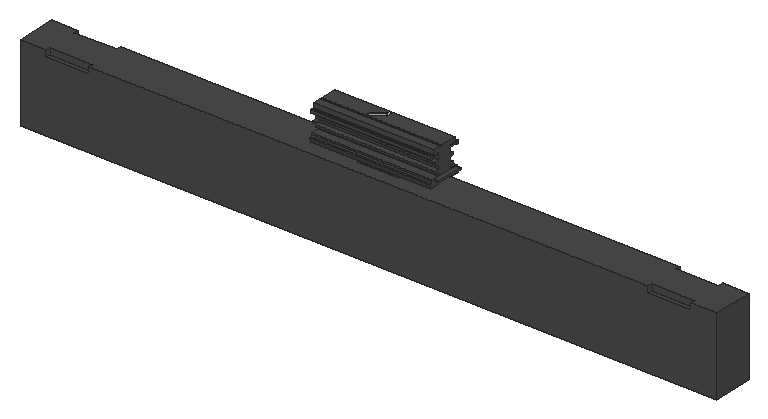
Revit family "DOT SINGLE HEAD RAIL 646_DTM30W6.5", category Luminarias, Revit 2019
Family settings
  Cota de conector redondo = Diámetro de uso
  Tipo de pieza = Normal
  Se basa en plano de trabajo = Sí
  Siempre vertical = Sí
  Corte con vacíos al cargar = No
  Origen de luz = Sí
  Compartido = No
  Punto de cálculo de habitación = No
Parameters (values of type "DOT SINGLE HEAD RAIL 646_DTM30W6.5.1535")
  Ángulo de inclinación = 60.00°
  Zone [instance] = ""
  Watt per fixture = 30
  Wattage = 30 W
  built-in parameter 1150107 = 3000 (stored number, unit not read)
  built-in parameter 1150110 = 1 (stored number, unit not read)
  built-in parameter 1150109 = 1 (stored number, unit not read)
  built-in parameter 1150112 = 1 (stored number, unit not read)
  built-in parameter 1150113 = 1 (stored number, unit not read)
  built-in parameter 1114218 = 1 (stored number, unit not read)
  Keynote = ""
  built-in parameter 1150137 = (empty or 0)
  built-in parameter 1150132 = (empty or 0)
  Modelo = "DTM30W6.5.1535"
  Lámpara = "3030SMD PHILIPS"
  built-in parameter 1150105 = 202.92 (stored number, unit not read)
  built-in parameter 1150102 = (empty or 0)
  built-in parameter 1150106 = 2.0292 (stored number, unit not read)
  Lumens = 2550 lm
  Color Filter = 16777215
  built-in parameter 1114217 = 1 (stored number, unit not read)
  built-in parameter 1150139 = (empty or 0)
  Fabricante = "BRILLANT"
  Default Elevation = 1219.2 mm
  built-in parameter 1150104 = 7.8968 (stored number, unit not read)
  Descripción = "LUMINARIA DOWNLIGHT EN FORMATO RECTANGULAR COMPATIBLE CON RIEL DE 6 ENTRADAS Y 3 CIRCUITOS CON CABEZAL PARA PODER DIRIGIR LA LUMINARIA HASTA 30 GRADOS, CUERPO DE ALUMINIO ACABADO EN COLOR NEGRO, IP 20, PESO 1.48Kg, TIPO DE LED 3030SMD PHILIPS CON 30W TOTAL, 1400 LUMENES, 85LM/W, IRC 90, TEMPERATURA EN BLANCO CALIDO 3000K, 50 MIL HORAS DE VIDA PROMEDIO, APERTURA ELIPTICA DE 15X35 GRADOS POR PROYECTO, ALIMENTADO A 90-240V"
  built-in parameter 1150115 = 1 (stored number, unit not read)
  built-in parameter 1150114 = 1 (stored number, unit not read)
  Comentarios de vataje = "90-240V"
  built-in parameter 1150138 = (empty or 0)
  built-in parameter 1150134 = (empty or 0)
  Circuit [instance] = ""
  Dimming Lamp Color Temperature Shift = (empty or 0)
  Archivo de red fotométrica = "L646A-30W-830-B-15X35_IESNA95.IES"
  built-in parameter 1150133 = 10 (stored number, unit not read)
Reference planes
  plane 1 "Centro (Frontal/Posterior)": y = 0
  plane 2: z = 0
  plane 3 "Centro (Izquierda/Derecha)": x = 0
Forms (mm)
  Extrusion 1, solid, material "Default Form"
    sketch origin (0, 0, 0) x (1, 0, 0) y (0, 0, 1)
      loop
        line (-323, 0) -> (-323, -72) -> (323, -72) -> (323, 0) -> (-323, 0)
    from -18.326 to 18.326
  Blend 2, void
    base sketch origin (0, 0, 0) x (1, 0, 0) y (0, 1, 0)
      loop
        line (-162, 16.149) -> (-162, -16.149) -> (-144.14, -16.149) -> (-144.14, 16.149) -> (-162, 16.149)
    top sketch origin (0, 0, 0) x (1, 0, 0) y (0, 1, 0)
      loop
        line (-160, 12.149) -> (-160, -12.149) -> (-146.14, -12.149) -> (-146.14, 12.149) -> (-160, 12.149)
    from -72 to -61.591
  Blend 3, void
    base sketch origin (21.86, 0, 0) x (1, 0, 0) y (0, 1, 0)
      loop
        line (-162, 16.149) -> (-162, -16.149) -> (-144.14, -16.149) -> (-144.14, 16.149) -> (-162, 16.149)
    top sketch origin (21.86, 0, 0) x (1, 0, 0) y (0, 1, 0)
      loop
        line (-160, 12.149) -> (-160, -12.149) -> (-146.14, -12.149) -> (-146.14, 12.149) -> (-160, 12.149)
    from -72 to -61.591
  Blend 4, void
    base sketch origin (43.72, 0, 0) x (1, 0, 0) y (0, 1, 0)
      loop
        line (-162, 16.149) -> (-162, -16.149) -> (-144.14, -16.149) -> (-144.14, 16.149) -> (-162, 16.149)
    top sketch origin (43.72, 0, 0) x (1, 0, 0) y (0, 1, 0)
      loop
        line (-160, 12.149) -> (-160, -12.149) -> (-146.14, -12.149) -> (-146.14, 12.149) -> (-160, 12.149)
    from -72 to -61.591
  Blend 5, void
    base sketch origin (65.58, 0, 0) x (1, 0, 0) y (0, 1, 0)
      loop
        line (-162, 16.149) -> (-162, -16.149) -> (-144.14, -16.149) -> (-144.14, 16.149) -> (-162, 16.149)
    top sketch origin (65.58, 0, 0) x (1, 0, 0) y (0, 1, 0)
      loop
        line (-160, 12.149) -> (-160, -12.149) -> (-146.14, -12.149) -> (-146.14, 12.149) -> (-160, 12.149)
    from -72 to -61.591
  Blend 6, void
    base sketch origin (87.44, 0, 0) x (1, 0, 0) y (0, 1, 0)
      loop
        line (-162, 16.149) -> (-162, -16.149) -> (-144.14, -16.149) -> (-144.14, 16.149) -> (-162, 16.149)
    top sketch origin (87.44, 0, 0) x (1, 0, 0) y (0, 1, 0)
      loop
        line (-160, 12.149) -> (-160, -12.149) -> (-146.14, -12.149) -> (-146.14, 12.149) -> (-160, 12.149)
    from -72 to -61.591
  Blend 7, void
    base sketch origin (109.3, 0, 0) x (1, 0, 0) y (0, 1, 0)
      loop
        line (-162, 16.149) -> (-162, -16.149) -> (-144.14, -16.149) -> (-144.14, 16.149) -> (-162, 16.149)
    top sketch origin (109.3, 0, 0) x (1, 0, 0) y (0, 1, 0)
      loop
        line (-160, 12.149) -> (-160, -12.149) -> (-146.14, -12.149) -> (-146.14, 12.149) -> (-160, 12.149)
    from -72 to -61.591
  Blend 8, void
    base sketch origin (131.16, 0, 0) x (1, 0, 0) y (0, 1, 0)
      loop
        line (-162, 16.149) -> (-162, -16.149) -> (-144.14, -16.149) -> (-144.14, 16.149) -> (-162, 16.149)
    top sketch origin (131.16, 0, 0) x (1, 0, 0) y (0, 1, 0)
      loop
        line (-160, 12.149) -> (-160, -12.149) -> (-146.14, -12.149) -> (-146.14, 12.149) -> (-160, 12.149)
    from -72 to -61.591
  Blend 9, void
    base sketch origin (153.02, 0, 0) x (1, 0, 0) y (0, 1, 0)
      loop
        line (-162, 16.149) -> (-162, -16.149) -> (-144.14, -16.149) -> (-144.14, 16.149) -> (-162, 16.149)
    top sketch origin (153.02, 0, 0) x (1, 0, 0) y (0, 1, 0)
      loop
        line (-160, 12.149) -> (-160, -12.149) -> (-146.14, -12.149) -> (-146.14, 12.149) -> (-160, 12.149)
    from -72 to -61.591
  Blend 10, void
    base sketch origin (174.88, 0, 0) x (1, 0, 0) y (0, 1, 0)
      loop
        line (-162, 16.149) -> (-162, -16.149) -> (-144.14, -16.149) -> (-144.14, 16.149) -> (-162, 16.149)
    top sketch origin (174.88, 0, 0) x (1, 0, 0) y (0, 1, 0)
      loop
        line (-160, 12.149) -> (-160, -12.149) -> (-146.14, -12.149) -> (-146.14, 12.149) -> (-160, 12.149)
    from -72 to -61.591
  Blend 11, void
    base sketch origin (196.74, 0, 0) x (1, 0, 0) y (0, 1, 0)
      loop
        line (-162, 16.149) -> (-162, -16.149) -> (-144.14, -16.149) -> (-144.14, 16.149) -> (-162, 16.149)
    top sketch origin (196.74, 0, 0) x (1, 0, 0) y (0, 1, 0)
      loop
        line (-160, 12.149) -> (-160, -12.149) -> (-146.14, -12.149) -> (-146.14, 12.149) -> (-160, 12.149)
    from -72 to -61.591
  Blend 12, void
    base sketch origin (218.6, 0, 0) x (1, 0, 0) y (0, 1, 0)
      loop
        line (-162, 16.149) -> (-162, -16.149) -> (-144.14, -16.149) -> (-144.14, 16.149) -> (-162, 16.149)
    top sketch origin (218.6, 0, 0) x (1, 0, 0) y (0, 1, 0)
      loop
        line (-160, 12.149) -> (-160, -12.149) -> (-146.14, -12.149) -> (-146.14, 12.149) -> (-160, 12.149)
    from -72 to -61.591
  Blend 13, void
    base sketch origin (240.46, 0, 0) x (1, 0, 0) y (0, 1, 0)
      loop
        line (-162, 16.149) -> (-162, -16.149) -> (-144.14, -16.149) -> (-144.14, 16.149) -> (-162, 16.149)
    top sketch origin (240.46, 0, 0) x (1, 0, 0) y (0, 1, 0)
      loop
        line (-160, 12.149) -> (-160, -12.149) -> (-146.14, -12.149) -> (-146.14, 12.149) -> (-160, 12.149)
    from -72 to -61.591
  Blend 14, void
    base sketch origin (262.32, 0, 0) x (1, 0, 0) y (0, 1, 0)
      loop
        line (-162, 16.149) -> (-162, -16.149) -> (-144.14, -16.149) -> (-144.14, 16.149) -> (-162, 16.149)
    top sketch origin (262.32, 0, 0) x (1, 0, 0) y (0, 1, 0)
      loop
        line (-160, 12.149) -> (-160, -12.149) -> (-146.14, -12.149) -> (-146.14, 12.149) -> (-160, 12.149)
    from -72 to -61.591
  Blend 15, void
    base sketch origin (284.18, 0, 0) x (1, 0, 0) y (0, 1, 0)
      loop
        line (-162, 16.149) -> (-162, -16.149) -> (-144.14, -16.149) -> (-144.14, 16.149) -> (-162, 16.149)
    top sketch origin (284.18, 0, 0) x (1, 0, 0) y (0, 1, 0)
      loop
        line (-160, 12.149) -> (-160, -12.149) -> (-146.14, -12.149) -> (-146.14, 12.149) -> (-160, 12.149)
    from -72 to -61.591
  Blend 16, void
    base sketch origin (306.04, 0, 0) x (1, 0, 0) y (0, 1, 0)
      loop
        line (-162, 16.149) -> (-162, -16.149) -> (-144.14, -16.149) -> (-144.14, 16.149) -> (-162, 16.149)
    top sketch origin (306.04, 0, 0) x (1, 0, 0) y (0, 1, 0)
      loop
        line (-160, 12.149) -> (-160, -12.149) -> (-146.14, -12.149) -> (-146.14, 12.149) -> (-160, 12.149)
    from -72 to -61.591
  Extrusion 17, solid, material "Default Form"
    sketch origin (-55.628, 0, 7.5) x (0, 1, 0) y (0, 0, 1)
      loop
        line (-7.273, 1.74) -> (7.273, 1.74) -> (7.273, 0) -> (15.231, 0) -> (17.006, 4.494) -> (15.021, 4.494) -> (14.058, 5.868) -> (14.058, 7.166) -> (6.473, 7.166) -> (6.473, 9.324) -> (10.169, 10.163) -> (10.169, 12.464) -> (6.473, 13.302) -> (6.473, 16.66) -> (10.169, 17.499) -> (10.169, 19.8) -> (6.473, 20.638) -> (6.473, 25.016) -> (13.839, 25.016) -> (14.514, 24.341) -> (15.775, 24.341) -> (15.775, 27.171) -> (14.73, 27.171) -> (14.058, 26.499) -> (6.473, 26.499) -> (6.473, 27.299) -> (12.377, 27.299) -> (12.377, 31.471) -> (-2.744, 31.471) -> (-2.744, 30.671) -> (-5.514, 30.671) -> (-5.514, 31.471) -> (-12.377, 31.471) -> (-12.377, 27.299) -> (-6.473, 27.299) -> (-6.473, 26.499) -> (-14.058, 26.499) -> (-14.73, 27.171) -> (-15.775, 27.171) -> (-15.775, 24.341) -> (-14.514, 24.341) -> (-13.839, 25.016) -> (-6.473, 25.016) -> (-6.473, 20.638) -> (-10.169, 19.8) -> (-10.169, 17.499) -> (-6.473, 16.66) -> (-6.473, 13.302) -> (-10.169, 12.464) -> (-10.169, 10.163) -> (-6.473, 9.324) -> (-6.473, 7.166) -> (-14.058, 7.166) -> (-14.058, 5.868) -> (-15.021, 4.494) -> (-17.006, 4.494) -> (-15.231, 0) -> (-7.273, 0) -> (-7.273, 1.74)
    from 0 to 111.256
  Extrusion 18, solid, material "Default Form"
    sketch origin (0, 0, 0) x (1, 0, 0) y (0, 1, 0)
      loop
        line (-19.12, 6.873) -> (-19.12, -6.873) -> (19.12, -6.873) -> (19.12, 6.873) -> (-19.12, 6.873)
    from 0 to 2.67
  Extrusion 19, solid, material "Default Form"
    sketch origin (0, 0, 0) x (1, 0, 0) y (0, 1, 0)
      loop
        line (-10.93, 3.188) -> (-10.93, -3.188) -> (10.93, -3.188) -> (10.93, 3.188) -> (-10.93, 3.188)
    from 2.67 to 7.5
  Extrusion 20, void
    sketch origin (0, 0, 0) x (1, 0, 0) y (0, 1, 0)
      loop
        line (-259.42, 18.326) -> (-299.14, 18.326) -> (-299.14, 14.276) -> (-259.42, 14.276) -> (-259.42, 18.326)
      loop
        line (-299.14, -18.326) -> (-259.42, -18.326) -> (-259.42, -14.276) -> (-299.14, -14.276) -> (-299.14, -18.326)
      loop
        line (299.14, -18.326) -> (299.14, -14.276) -> (259.42, -14.276) -> (259.42, -18.326) -> (299.14, -18.326)
      loop
        line (299.14, 18.326) -> (259.42, 18.326) -> (259.42, 14.276) -> (299.14, 14.276) -> (299.14, 18.326)
    from -6.015 to 0
  Extrusion 21, solid, material "Acero Inoxidable"
    sketch origin (0, -1.594, 0) x (1, 0, 0) y (0, 0, -1)
      loop
        line (-15, -38.971) -> (3.794, -45.811) -> (4.341, -44.308) -> (3.589, -44.034) -> (3.316, -44.786) -> (-12.661, -38.971) -> (-15, -38.971)
    from 0 to 3.188
  Extrusion 22, solid, material "Default Form"
    sketch origin (0, 0, 0) x (1, 0, 0) y (0, 1, 0)
      loop
        line (-55.628, 6.473) -> (-66.331, 6.473) -> (-66.331, 0) -> (-55.628, 0) -> (-55.628, 6.473)
      loop
        line (55.628, 12.377) -> (55.628, -12.149) -> (60.628, -12.149) -> (60.628, 12.377) -> (55.628, 12.377)
    from 13.368 to 15
  Blend 23, void
    base sketch origin (-87.44, 0, 0) x (1, 0, 0) y (0, 1, 0)
      loop
        line (-162, 16.149) -> (-162, -16.149) -> (-144.14, -16.149) -> (-144.14, 16.149) -> (-162, 16.149)
    top sketch origin (-87.44, 0, 0) x (1, 0, 0) y (0, 1, 0)
      loop
        line (-160, 12.149) -> (-160, -12.149) -> (-146.14, -12.149) -> (-146.14, 12.149) -> (-160, 12.149)
    from -72 to -61.591
  Blend 24, void
    base sketch origin (-65.58, 0, 0) x (1, 0, 0) y (0, 1, 0)
      loop
        line (-162, 16.149) -> (-162, -16.149) -> (-144.14, -16.149) -> (-144.14, 16.149) -> (-162, 16.149)
    top sketch origin (-65.58, 0, 0) x (1, 0, 0) y (0, 1, 0)
      loop
        line (-160, 12.149) -> (-160, -12.149) -> (-146.14, -12.149) -> (-146.14, 12.149) -> (-160, 12.149)
    from -72 to -61.591
  Blend 25, void
    base sketch origin (-43.72, 0, 0) x (1, 0, 0) y (0, 1, 0)
      loop
        line (-162, 16.149) -> (-162, -16.149) -> (-144.14, -16.149) -> (-144.14, 16.149) -> (-162, 16.149)
    top sketch origin (-43.72, 0, 0) x (1, 0, 0) y (0, 1, 0)
      loop
        line (-160, 12.149) -> (-160, -12.149) -> (-146.14, -12.149) -> (-146.14, 12.149) -> (-160, 12.149)
    from -72 to -61.591
  Blend 26, void
    base sketch origin (-21.86, 0, 0) x (1, 0, 0) y (0, 1, 0)
      loop
        line (-162, 16.149) -> (-162, -16.149) -> (-144.14, -16.149) -> (-144.14, 16.149) -> (-162, 16.149)
    top sketch origin (-21.86, 0, 0) x (1, 0, 0) y (0, 1, 0)
      loop
        line (-160, 12.149) -> (-160, -12.149) -> (-146.14, -12.149) -> (-146.14, 12.149) -> (-160, 12.149)
    from -72 to -61.591
  Blend 27, void
    base sketch origin (-109.3, 0, 0) x (1, 0, 0) y (0, 1, 0)
      loop
        line (-162, 16.149) -> (-162, -16.149) -> (-144.14, -16.149) -> (-144.14, 16.149) -> (-162, 16.149)
    top sketch origin (-109.3, 0, 0) x (1, 0, 0) y (0, 1, 0)
      loop
        line (-160, 12.149) -> (-160, -12.149) -> (-146.14, -12.149) -> (-146.14, 12.149) -> (-160, 12.149)
    from -72 to -61.591
  Blend 28, void
    base sketch origin (327.9, 0, 0) x (1, 0, 0) y (0, 1, 0)
      loop
        line (-162, 16.149) -> (-162, -16.149) -> (-144.14, -16.149) -> (-144.14, 16.149) -> (-162, 16.149)
    top sketch origin (327.9, 0, 0) x (1, 0, 0) y (0, 1, 0)
      loop
        line (-160, 12.149) -> (-160, -12.149) -> (-146.14, -12.149) -> (-146.14, 12.149) -> (-160, 12.149)
    from -72 to -61.591
  Blend 29, void
    base sketch origin (349.76, 0, 0) x (1, 0, 0) y (0, 1, 0)
      loop
        line (-162, 16.149) -> (-162, -16.149) -> (-144.14, -16.149) -> (-144.14, 16.149) -> (-162, 16.149)
    top sketch origin (349.76, 0, 0) x (1, 0, 0) y (0, 1, 0)
      loop
        line (-160, 12.149) -> (-160, -12.149) -> (-146.14, -12.149) -> (-146.14, 12.149) -> (-160, 12.149)
    from -72 to -61.591
  Blend 30, void
    base sketch origin (371.62, 0, 0) x (1, 0, 0) y (0, 1, 0)
      loop
        line (-162, 16.149) -> (-162, -16.149) -> (-144.14, -16.149) -> (-144.14, 16.149) -> (-162, 16.149)
    top sketch origin (371.62, 0, 0) x (1, 0, 0) y (0, 1, 0)
      loop
        line (-160, 12.149) -> (-160, -12.149) -> (-146.14, -12.149) -> (-146.14, 12.149) -> (-160, 12.149)
    from -72 to -61.591
  Blend 31, void
    base sketch origin (393.48, 0, 0) x (1, 0, 0) y (0, 1, 0)
      loop
        line (-162, 16.149) -> (-162, -16.149) -> (-144.14, -16.149) -> (-144.14, 16.149) -> (-162, 16.149)
    top sketch origin (393.48, 0, 0) x (1, 0, 0) y (0, 1, 0)
      loop
        line (-160, 12.149) -> (-160, -12.149) -> (-146.14, -12.149) -> (-146.14, 12.149) -> (-160, 12.149)
    from -72 to -61.591
  Blend 32, void
    base sketch origin (415.34, 0, 0) x (1, 0, 0) y (0, 1, 0)
      loop
        line (-162, 16.149) -> (-162, -16.149) -> (-144.14, -16.149) -> (-144.14, 16.149) -> (-162, 16.149)
    top sketch origin (415.34, 0, 0) x (1, 0, 0) y (0, 1, 0)
      loop
        line (-160, 12.149) -> (-160, -12.149) -> (-146.14, -12.149) -> (-146.14, 12.149) -> (-160, 12.149)
    from -72 to -61.591
Cuts and joins
  Blend 2, Blend 3, Blend 4, Blend 5, Blend 6, Blend 7, Blend 8, Blend 9, Blend 10, Blend 11, Blend 12, Blend 13, Blend 14, Blend 15, Blend 16, Extrusion 20, Blend 23, Blend 24, Blend 25, Blend 26, Blend 27, Blend 28, Blend 29, Blend 30, Blend 31, Blend 32 cuts Extrusion 1
Dimensions and locks
  equal spacing: Extrusion 1, plane 1 "Centro (Frontal/Posterior)", Extrusion 1
  Extrusion 1 to plane 1 "Centro (Frontal/Posterior)" = 18.326 mm
  Extrusion 1 to Extrusion 1 = 36.651 mm
  Extrusion 1 to Extrusion 1 = 72 mm
  Extrusion 1 to Extrusion 1 = 646 mm
  cut or joined group 1 (Extrusion 1, Blend 2, Blend 3, Blend 4, Blend 5, Blend 6, Blend 7, Blend 8, Blend 9, Blend 10, Blend 11, Blend 12, Blend 13, Blend 14, Blend 15, Blend 16, Extrusion 20, Blend 23, Blend 24, Blend 25, Blend 26, Blend 27, Blend 28, Blend 29, Blend 30, Blend 31, Blend 32) to cut or joined group 1 = 72 mm
  cut or joined group 1 to cut or joined group 1 = 36.651 mm
  cut or joined group 1 to cut or joined group 1 = 646 mm
  equal spacing: cut or joined group 1, plane 1 "Centro (Frontal/Posterior)", cut or joined group 1
  cut or joined group 1 to cut or joined group 1 = 23.86 mm  (x2)
  aligned and locked: level to plane 2
  aligned and locked: Extrusion 19 to Extrusion 17
  aligned and locked: Extrusion 19 to Extrusion 18
Automatic sketch dimensions
  Extrusion 1 sketch curve to level = 0 mm
  Extrusion 1 sketch curve to level = 72 mm
  Extrusion 1 sketch curve to plane 3 "Centro (Izquierda/Derecha)" = 323 mm
  plane 3 "Centro (Izquierda/Derecha)" to Extrusion 1 sketch curve = 323 mm
  Blend 2 sketch curve to plane 1 "Centro (Frontal/Posterior)" = 16.149 mm
  Blend 2 sketch curve to plane 3 "Centro (Izquierda/Derecha)" = 162 mm
  Blend 2 sketch curve to Blend 2 sketch curve = 17.86 mm
  plane 1 "Centro (Frontal/Posterior)" to Blend 2 sketch curve = 16.149 mm
  Blend 2 sketch curve to plane 1 "Centro (Frontal/Posterior)" = 12.149 mm
  Blend 2 sketch curve to plane 3 "Centro (Izquierda/Derecha)" = 160 mm
  Blend 2 sketch curve to Blend 2 sketch curve = 13.86 mm
  plane 1 "Centro (Frontal/Posterior)" to Blend 2 sketch curve = 12.149 mm
  Blend 3 sketch curve to plane 1 "Centro (Frontal/Posterior)" = 16.149 mm
  Blend 3 sketch curve to plane 3 "Centro (Izquierda/Derecha)" = 140.14 mm
  Blend 3 sketch curve to Blend 3 sketch curve = 17.86 mm
  plane 1 "Centro (Frontal/Posterior)" to Blend 3 sketch curve = 16.149 mm
  Blend 3 sketch curve to plane 1 "Centro (Frontal/Posterior)" = 12.149 mm
  Blend 3 sketch curve to plane 3 "Centro (Izquierda/Derecha)" = 138.14 mm
  Blend 3 sketch curve to Blend 3 sketch curve = 13.86 mm
  plane 1 "Centro (Frontal/Posterior)" to Blend 3 sketch curve = 12.149 mm
  Blend 4 sketch curve to plane 1 "Centro (Frontal/Posterior)" = 16.149 mm
  Blend 4 sketch curve to plane 3 "Centro (Izquierda/Derecha)" = 118.28 mm
  Blend 4 sketch curve to Blend 4 sketch curve = 17.86 mm
  plane 1 "Centro (Frontal/Posterior)" to Blend 4 sketch curve = 16.149 mm
  Blend 4 sketch curve to plane 1 "Centro (Frontal/Posterior)" = 12.149 mm
  Blend 4 sketch curve to plane 3 "Centro (Izquierda/Derecha)" = 116.28 mm
  Blend 4 sketch curve to Blend 4 sketch curve = 13.86 mm
  plane 1 "Centro (Frontal/Posterior)" to Blend 4 sketch curve = 12.149 mm
  Blend 5 sketch curve to plane 1 "Centro (Frontal/Posterior)" = 16.149 mm
  Blend 5 sketch curve to plane 3 "Centro (Izquierda/Derecha)" = 96.42 mm
  Blend 5 sketch curve to Blend 5 sketch curve = 17.86 mm
  plane 1 "Centro (Frontal/Posterior)" to Blend 5 sketch curve = 16.149 mm
  Blend 5 sketch curve to plane 1 "Centro (Frontal/Posterior)" = 12.149 mm
  Blend 5 sketch curve to plane 3 "Centro (Izquierda/Derecha)" = 94.42 mm
  Blend 5 sketch curve to Blend 5 sketch curve = 13.86 mm
  plane 1 "Centro (Frontal/Posterior)" to Blend 5 sketch curve = 12.149 mm
  Blend 6 sketch curve to plane 1 "Centro (Frontal/Posterior)" = 16.149 mm
  Blend 6 sketch curve to plane 3 "Centro (Izquierda/Derecha)" = 74.56 mm
  Blend 6 sketch curve to Blend 6 sketch curve = 17.86 mm
  plane 1 "Centro (Frontal/Posterior)" to Blend 6 sketch curve = 16.149 mm
  Blend 6 sketch curve to plane 1 "Centro (Frontal/Posterior)" = 12.149 mm
  Blend 6 sketch curve to plane 3 "Centro (Izquierda/Derecha)" = 72.56 mm
  Blend 6 sketch curve to Blend 6 sketch curve = 13.86 mm
  plane 1 "Centro (Frontal/Posterior)" to Blend 6 sketch curve = 12.149 mm
  Blend 7 sketch curve to plane 1 "Centro (Frontal/Posterior)" = 16.149 mm
  Blend 7 sketch curve to plane 3 "Centro (Izquierda/Derecha)" = 52.7 mm
  Blend 7 sketch curve to Blend 7 sketch curve = 17.86 mm
  plane 1 "Centro (Frontal/Posterior)" to Blend 7 sketch curve = 16.149 mm
  Blend 7 sketch curve to plane 1 "Centro (Frontal/Posterior)" = 12.149 mm
  Blend 7 sketch curve to plane 3 "Centro (Izquierda/Derecha)" = 50.7 mm
  Blend 7 sketch curve to Blend 7 sketch curve = 13.86 mm
  plane 1 "Centro (Frontal/Posterior)" to Blend 7 sketch curve = 12.149 mm
  Blend 8 sketch curve to plane 3 "Centro (Izquierda/Derecha)" = 30.84 mm
  Blend 8 sketch curve to plane 3 "Centro (Izquierda/Derecha)" = 12.98 mm
  plane 1 "Centro (Frontal/Posterior)" to Blend 8 sketch curve = 16.149 mm
  Blend 8 sketch curve to plane 1 "Centro (Frontal/Posterior)" = 16.149 mm
  Blend 8 sketch curve to plane 1 "Centro (Frontal/Posterior)" = 12.149 mm
  Blend 8 sketch curve to plane 3 "Centro (Izquierda/Derecha)" = 28.84 mm
  Blend 8 sketch curve to Blend 8 sketch curve = 13.86 mm
  plane 1 "Centro (Frontal/Posterior)" to Blend 8 sketch curve = 12.149 mm
  Blend 9 sketch curve to plane 3 "Centro (Izquierda/Derecha)" = 8.98 mm
  plane 3 "Centro (Izquierda/Derecha)" to Blend 9 sketch curve = 8.88 mm
  plane 1 "Centro (Frontal/Posterior)" to Blend 9 sketch curve = 16.149 mm
  Blend 9 sketch curve to plane 1 "Centro (Frontal/Posterior)" = 16.149 mm
  Blend 9 sketch curve to plane 3 "Centro (Izquierda/Derecha)" = 6.98 mm
  plane 3 "Centro (Izquierda/Derecha)" to Blend 9 sketch curve = 6.88 mm
  plane 1 "Centro (Frontal/Posterior)" to Blend 9 sketch curve = 12.149 mm
  Blend 9 sketch curve to plane 1 "Centro (Frontal/Posterior)" = 12.149 mm
  plane 3 "Centro (Izquierda/Derecha)" to Blend 10 sketch curve = 12.88 mm
  Blend 10 sketch curve to Blend 10 sketch curve = 17.86 mm
  plane 1 "Centro (Frontal/Posterior)" to Blend 10 sketch curve = 16.149 mm
  Blend 10 sketch curve to plane 1 "Centro (Frontal/Posterior)" = 16.149 mm
  plane 3 "Centro (Izquierda/Derecha)" to Blend 10 sketch curve = 14.88 mm
  Blend 10 sketch curve to Blend 10 sketch curve = 13.86 mm
  plane 1 "Centro (Frontal/Posterior)" to Blend 10 sketch curve = 12.149 mm
  Blend 10 sketch curve to plane 1 "Centro (Frontal/Posterior)" = 12.149 mm
  Blend 11 sketch curve to plane 1 "Centro (Frontal/Posterior)" = 16.149 mm
  plane 3 "Centro (Izquierda/Derecha)" to Blend 11 sketch curve = 34.74 mm
  Blend 11 sketch curve to Blend 11 sketch curve = 17.86 mm
  plane 1 "Centro (Frontal/Posterior)" to Blend 11 sketch curve = 16.149 mm
  Blend 11 sketch curve to plane 1 "Centro (Frontal/Posterior)" = 12.149 mm
  plane 3 "Centro (Izquierda/Derecha)" to Blend 11 sketch curve = 36.74 mm
  Blend 11 sketch curve to Blend 11 sketch curve = 13.86 mm
  plane 1 "Centro (Frontal/Posterior)" to Blend 11 sketch curve = 12.149 mm
  Blend 12 sketch curve to plane 1 "Centro (Frontal/Posterior)" = 16.149 mm
  plane 3 "Centro (Izquierda/Derecha)" to Blend 12 sketch curve = 56.6 mm
  Blend 12 sketch curve to Blend 12 sketch curve = 17.86 mm
  plane 1 "Centro (Frontal/Posterior)" to Blend 12 sketch curve = 16.149 mm
  Blend 12 sketch curve to plane 1 "Centro (Frontal/Posterior)" = 12.149 mm
  plane 3 "Centro (Izquierda/Derecha)" to Blend 12 sketch curve = 58.6 mm
  Blend 12 sketch curve to Blend 12 sketch curve = 13.86 mm
  plane 1 "Centro (Frontal/Posterior)" to Blend 12 sketch curve = 12.149 mm
  Blend 13 sketch curve to plane 1 "Centro (Frontal/Posterior)" = 16.149 mm
  plane 3 "Centro (Izquierda/Derecha)" to Blend 13 sketch curve = 78.46 mm
  Blend 13 sketch curve to Blend 13 sketch curve = 17.86 mm
  plane 1 "Centro (Frontal/Posterior)" to Blend 13 sketch curve = 16.149 mm
  Blend 13 sketch curve to plane 1 "Centro (Frontal/Posterior)" = 12.149 mm
  plane 3 "Centro (Izquierda/Derecha)" to Blend 13 sketch curve = 80.46 mm
  Blend 13 sketch curve to Blend 13 sketch curve = 13.86 mm
  plane 1 "Centro (Frontal/Posterior)" to Blend 13 sketch curve = 12.149 mm
  Blend 14 sketch curve to plane 1 "Centro (Frontal/Posterior)" = 16.149 mm
  plane 3 "Centro (Izquierda/Derecha)" to Blend 14 sketch curve = 100.32 mm
  Blend 14 sketch curve to Blend 14 sketch curve = 17.86 mm
  plane 1 "Centro (Frontal/Posterior)" to Blend 14 sketch curve = 16.149 mm
  Blend 14 sketch curve to plane 1 "Centro (Frontal/Posterior)" = 12.149 mm
  plane 3 "Centro (Izquierda/Derecha)" to Blend 14 sketch curve = 102.32 mm
  Blend 14 sketch curve to Blend 14 sketch curve = 13.86 mm
  plane 1 "Centro (Frontal/Posterior)" to Blend 14 sketch curve = 12.149 mm
  Blend 15 sketch curve to plane 1 "Centro (Frontal/Posterior)" = 16.149 mm
  plane 3 "Centro (Izquierda/Derecha)" to Blend 15 sketch curve = 122.18 mm
  Blend 15 sketch curve to Blend 15 sketch curve = 17.86 mm
  plane 1 "Centro (Frontal/Posterior)" to Blend 15 sketch curve = 16.149 mm
  Blend 15 sketch curve to plane 1 "Centro (Frontal/Posterior)" = 12.149 mm
  plane 3 "Centro (Izquierda/Derecha)" to Blend 15 sketch curve = 124.18 mm
  Blend 15 sketch curve to Blend 15 sketch curve = 13.86 mm
  plane 1 "Centro (Frontal/Posterior)" to Blend 15 sketch curve = 12.149 mm
  Blend 16 sketch curve to plane 1 "Centro (Frontal/Posterior)" = 16.149 mm
  plane 3 "Centro (Izquierda/Derecha)" to Blend 16 sketch curve = 144.04 mm
  Blend 16 sketch curve to Blend 16 sketch curve = 17.86 mm
  plane 1 "Centro (Frontal/Posterior)" to Blend 16 sketch curve = 16.149 mm
  Blend 16 sketch curve to plane 1 "Centro (Frontal/Posterior)" = 12.149 mm
  plane 3 "Centro (Izquierda/Derecha)" to Blend 16 sketch curve = 146.04 mm
  Blend 16 sketch curve to Blend 16 sketch curve = 13.86 mm
  plane 1 "Centro (Frontal/Posterior)" to Blend 16 sketch curve = 12.149 mm
  plane 1 "Centro (Frontal/Posterior)" to Extrusion 17 sketch curve = 17.006 mm
  plane 1 "Centro (Frontal/Posterior)" to Extrusion 17 sketch curve = 15.775 mm
  level to Extrusion 17 sketch curve = 7.5 mm  (x2)
  Extrusion 17 sketch curve to Extrusion 17 sketch curve = 1.775 mm
  Extrusion 17 sketch curve to Extrusion 17 sketch curve = 1.985 mm  (x2)
  Extrusion 17 sketch curve to Extrusion 17 sketch curve = 1.045 mm
  Extrusion 17 sketch curve to Extrusion 17 sketch curve = 1.261 mm  (x2)
  Extrusion 17 sketch curve to Extrusion 17 sketch curve = 0.963 mm  (x2)
  Extrusion 17 sketch curve to Extrusion 17 sketch curve = 0.672 mm  (x4)
  Extrusion 17 sketch curve to Extrusion 17 sketch curve = 0.675 mm  (x3)
  Extrusion 17 sketch curve to Extrusion 17 sketch curve = 2.354 mm
  Extrusion 17 sketch curve to Extrusion 17 sketch curve = 4.345 mm
  Extrusion 17 sketch curve to Extrusion 17 sketch curve = 3.89 mm  (x2)
  plane 1 "Centro (Frontal/Posterior)" to Extrusion 17 sketch curve = 7.273 mm
  Extrusion 17 sketch curve to Extrusion 17 sketch curve = 3.696 mm  (x4)
  Extrusion 17 sketch curve to Extrusion 17 sketch curve = 5.904 mm  (x2)
  Extrusion 17 sketch curve to Extrusion 17 sketch curve = 0 mm  (x3)
  Extrusion 17 sketch curve to Extrusion 17 sketch curve = 0.959 mm
  plane 1 "Centro (Frontal/Posterior)" to Extrusion 17 sketch curve = 2.744 mm
  Extrusion 17 sketch curve to plane 1 "Centro (Frontal/Posterior)" = 6.473 mm  (x2)
  Extrusion 17 sketch curve to Extrusion 17 sketch curve = 0.8 mm  (x3)
  Extrusion 17 sketch curve to Extrusion 17 sketch curve = 1.462 mm
  Extrusion 17 sketch curve to Extrusion 17 sketch curve = 0.22 mm
  Extrusion 17 sketch curve to Extrusion 17 sketch curve = 0.21 mm
  Extrusion 17 sketch curve to Extrusion 17 sketch curve = 1.74 mm
  Extrusion 17 sketch curve to Extrusion 17 sketch curve = 4.494 mm  (x2)
  Extrusion 17 sketch curve to Extrusion 17 sketch curve = 1.375 mm  (x2)
  Extrusion 17 sketch curve to Extrusion 17 sketch curve = 5.426 mm  (x2)
  Extrusion 17 sketch curve to Extrusion 17 sketch curve = 2.158 mm  (x2)
  Extrusion 17 sketch curve to Extrusion 17 sketch curve = 0.839 mm  (x8)
  Extrusion 17 sketch curve to Extrusion 17 sketch curve = 2.301 mm  (x4)
  Extrusion 17 sketch curve to Extrusion 17 sketch curve = 3.358 mm  (x2)
  Extrusion 17 sketch curve to Extrusion 17 sketch curve = 4.541 mm  (x2)
  Extrusion 17 sketch curve to Extrusion 17 sketch curve = 4.378 mm
  Extrusion 17 sketch curve to Extrusion 17 sketch curve = 1.483 mm  (x2)
  Extrusion 17 sketch curve to Extrusion 17 sketch curve = 3.372 mm
  Extrusion 17 sketch curve to Extrusion 17 sketch curve = 4.172 mm  (x2)
  plane 1 "Centro (Frontal/Posterior)" to Extrusion 18 sketch curve = 6.873 mm
  Extrusion 18 sketch curve to plane 3 "Centro (Izquierda/Derecha)" = 19.12 mm
  plane 3 "Centro (Izquierda/Derecha)" to Extrusion 18 sketch curve = 19.12 mm
  Extrusion 18 sketch curve to plane 1 "Centro (Frontal/Posterior)" = 6.873 mm
  plane 1 "Centro (Frontal/Posterior)" to Extrusion 19 sketch curve = 3.188 mm
  Extrusion 19 sketch curve to plane 3 "Centro (Izquierda/Derecha)" = 10.93 mm
  plane 3 "Centro (Izquierda/Derecha)" to Extrusion 19 sketch curve = 10.93 mm
  Extrusion 19 sketch curve to plane 1 "Centro (Frontal/Posterior)" = 3.188 mm
  plane 1 "Centro (Frontal/Posterior)" to Extrusion 20 sketch curve = 18.326 mm
  Extrusion 20 sketch curve to plane 3 "Centro (Izquierda/Derecha)" = 299.14 mm
  Extrusion 20 sketch curve to Extrusion 20 sketch curve = 0 mm  (x4)
  Extrusion 20 sketch curve to Extrusion 20 sketch curve = 39.72 mm  (x2)
  plane 1 "Centro (Frontal/Posterior)" to Extrusion 20 sketch curve = 14.276 mm
  plane 3 "Centro (Izquierda/Derecha)" to Extrusion 20 sketch curve = 259.42 mm
  Extrusion 20 sketch curve to plane 1 "Centro (Frontal/Posterior)" = 18.326 mm
  Extrusion 20 sketch curve to Extrusion 20 sketch curve = 4.049 mm  (x4)
  Extrusion 20 sketch curve to plane 1 "Centro (Frontal/Posterior)" = 14.276 mm
  Extrusion 21 sketch curve to plane 3 "Centro (Izquierda/Derecha)" = 15 mm
  Extrusion 21 sketch curve to Extrusion 21 sketch curve = 2.339 mm
  plane 3 "Centro (Izquierda/Derecha)" to Extrusion 21 sketch curve = 3.316 mm
  Extrusion 21 sketch curve to Extrusion 21 sketch curve = 0.274 mm
  Extrusion 21 sketch curve to Extrusion 21 sketch curve = 0.478 mm
  Extrusion 21 sketch curve to Extrusion 21 sketch curve = 0.752 mm
  level to Extrusion 21 sketch curve = 45.811 mm
  plane 1 "Centro (Frontal/Posterior)" to Extrusion 22 sketch curve = 0 mm
  Extrusion 22 sketch curve to plane 1 "Centro (Frontal/Posterior)" = 6.473 mm
  Extrusion 22 sketch curve to plane 3 "Centro (Izquierda/Derecha)" = 66.331 mm
  Extrusion 22 sketch curve to Extrusion 22 sketch curve = 10.703 mm
  Extrusion 22 sketch curve to plane 1 "Centro (Frontal/Posterior)" = 12.377 mm
  plane 3 "Centro (Izquierda/Derecha)" to Extrusion 22 sketch curve = 55.628 mm
  Extrusion 22 sketch curve to Extrusion 22 sketch curve = 5 mm
  plane 1 "Centro (Frontal/Posterior)" to Extrusion 22 sketch curve = 12.149 mm
  Blend 23 sketch curve to plane 1 "Centro (Frontal/Posterior)" = 16.149 mm
  Blend 23 sketch curve to plane 3 "Centro (Izquierda/Derecha)" = 249.44 mm
  Blend 23 sketch curve to Blend 23 sketch curve = 17.86 mm
  plane 1 "Centro (Frontal/Posterior)" to Blend 23 sketch curve = 16.149 mm
  Blend 23 sketch curve to plane 1 "Centro (Frontal/Posterior)" = 12.149 mm
  Blend 23 sketch curve to plane 3 "Centro (Izquierda/Derecha)" = 247.44 mm
  Blend 23 sketch curve to Blend 23 sketch curve = 13.86 mm
  plane 1 "Centro (Frontal/Posterior)" to Blend 23 sketch curve = 12.149 mm
  Blend 24 sketch curve to plane 1 "Centro (Frontal/Posterior)" = 16.149 mm
  Blend 24 sketch curve to plane 3 "Centro (Izquierda/Derecha)" = 227.58 mm
  Blend 24 sketch curve to Blend 24 sketch curve = 17.86 mm
  plane 1 "Centro (Frontal/Posterior)" to Blend 24 sketch curve = 16.149 mm
  Blend 24 sketch curve to plane 1 "Centro (Frontal/Posterior)" = 12.149 mm
  Blend 24 sketch curve to plane 3 "Centro (Izquierda/Derecha)" = 225.58 mm
  Blend 24 sketch curve to Blend 24 sketch curve = 13.86 mm
  plane 1 "Centro (Frontal/Posterior)" to Blend 24 sketch curve = 12.149 mm
  Blend 25 sketch curve to plane 1 "Centro (Frontal/Posterior)" = 16.149 mm
  Blend 25 sketch curve to plane 3 "Centro (Izquierda/Derecha)" = 205.72 mm
  Blend 25 sketch curve to Blend 25 sketch curve = 17.86 mm
  plane 1 "Centro (Frontal/Posterior)" to Blend 25 sketch curve = 16.149 mm
  Blend 25 sketch curve to plane 1 "Centro (Frontal/Posterior)" = 12.149 mm
  Blend 25 sketch curve to plane 3 "Centro (Izquierda/Derecha)" = 203.72 mm
  Blend 25 sketch curve to Blend 25 sketch curve = 13.86 mm
  plane 1 "Centro (Frontal/Posterior)" to Blend 25 sketch curve = 12.149 mm
  Blend 26 sketch curve to plane 1 "Centro (Frontal/Posterior)" = 16.149 mm
  Blend 26 sketch curve to plane 3 "Centro (Izquierda/Derecha)" = 183.86 mm
  Blend 26 sketch curve to Blend 26 sketch curve = 17.86 mm
  plane 1 "Centro (Frontal/Posterior)" to Blend 26 sketch curve = 16.149 mm
  Blend 26 sketch curve to plane 1 "Centro (Frontal/Posterior)" = 12.149 mm
  Blend 26 sketch curve to plane 3 "Centro (Izquierda/Derecha)" = 181.86 mm
  Blend 26 sketch curve to Blend 26 sketch curve = 13.86 mm
  plane 1 "Centro (Frontal/Posterior)" to Blend 26 sketch curve = 12.149 mm
  Blend 27 sketch curve to plane 1 "Centro (Frontal/Posterior)" = 16.149 mm
  Blend 27 sketch curve to plane 3 "Centro (Izquierda/Derecha)" = 271.3 mm
  Blend 27 sketch curve to Blend 27 sketch curve = 17.86 mm
  plane 1 "Centro (Frontal/Posterior)" to Blend 27 sketch curve = 16.149 mm
  Blend 27 sketch curve to plane 1 "Centro (Frontal/Posterior)" = 12.149 mm
  Blend 27 sketch curve to plane 3 "Centro (Izquierda/Derecha)" = 269.3 mm
  Blend 27 sketch curve to Blend 27 sketch curve = 13.86 mm
  plane 1 "Centro (Frontal/Posterior)" to Blend 27 sketch curve = 12.149 mm
  Blend 28 sketch curve to plane 1 "Centro (Frontal/Posterior)" = 16.149 mm
  plane 3 "Centro (Izquierda/Derecha)" to Blend 28 sketch curve = 165.9 mm
  Blend 28 sketch curve to Blend 28 sketch curve = 17.86 mm
  plane 1 "Centro (Frontal/Posterior)" to Blend 28 sketch curve = 16.149 mm
  Blend 28 sketch curve to plane 1 "Centro (Frontal/Posterior)" = 12.149 mm
  plane 3 "Centro (Izquierda/Derecha)" to Blend 28 sketch curve = 167.9 mm
  Blend 28 sketch curve to Blend 28 sketch curve = 13.86 mm
  plane 1 "Centro (Frontal/Posterior)" to Blend 28 sketch curve = 12.149 mm
  Blend 29 sketch curve to plane 1 "Centro (Frontal/Posterior)" = 16.149 mm
  plane 3 "Centro (Izquierda/Derecha)" to Blend 29 sketch curve = 187.76 mm
  Blend 29 sketch curve to Blend 29 sketch curve = 17.86 mm
  plane 1 "Centro (Frontal/Posterior)" to Blend 29 sketch curve = 16.149 mm
  Blend 29 sketch curve to plane 1 "Centro (Frontal/Posterior)" = 12.149 mm
  plane 3 "Centro (Izquierda/Derecha)" to Blend 29 sketch curve = 189.76 mm
  Blend 29 sketch curve to Blend 29 sketch curve = 13.86 mm
  plane 1 "Centro (Frontal/Posterior)" to Blend 29 sketch curve = 12.149 mm
  Blend 30 sketch curve to plane 1 "Centro (Frontal/Posterior)" = 16.149 mm
  plane 3 "Centro (Izquierda/Derecha)" to Blend 30 sketch curve = 209.62 mm
  Blend 30 sketch curve to Blend 30 sketch curve = 17.86 mm
  plane 1 "Centro (Frontal/Posterior)" to Blend 30 sketch curve = 16.149 mm
  Blend 30 sketch curve to plane 1 "Centro (Frontal/Posterior)" = 12.149 mm
  plane 3 "Centro (Izquierda/Derecha)" to Blend 30 sketch curve = 211.62 mm
  Blend 30 sketch curve to Blend 30 sketch curve = 13.86 mm
  plane 1 "Centro (Frontal/Posterior)" to Blend 30 sketch curve = 12.149 mm
  Blend 31 sketch curve to plane 1 "Centro (Frontal/Posterior)" = 16.149 mm
  plane 3 "Centro (Izquierda/Derecha)" to Blend 31 sketch curve = 231.48 mm
  Blend 31 sketch curve to Blend 31 sketch curve = 17.86 mm
  plane 1 "Centro (Frontal/Posterior)" to Blend 31 sketch curve = 16.149 mm
  Blend 31 sketch curve to plane 1 "Centro (Frontal/Posterior)" = 12.149 mm
  plane 3 "Centro (Izquierda/Derecha)" to Blend 31 sketch curve = 233.48 mm
  Blend 31 sketch curve to Blend 31 sketch curve = 13.86 mm
  plane 1 "Centro (Frontal/Posterior)" to Blend 31 sketch curve = 12.149 mm
  Blend 32 sketch curve to plane 1 "Centro (Frontal/Posterior)" = 16.149 mm
  plane 3 "Centro (Izquierda/Derecha)" to Blend 32 sketch curve = 253.34 mm
  Blend 32 sketch curve to Blend 32 sketch curve = 17.86 mm
  plane 1 "Centro (Frontal/Posterior)" to Blend 32 sketch curve = 16.149 mm
  Blend 32 sketch curve to plane 1 "Centro (Frontal/Posterior)" = 12.149 mm
  plane 3 "Centro (Izquierda/Derecha)" to Blend 32 sketch curve = 255.34 mm
  Blend 32 sketch curve to Blend 32 sketch curve = 13.86 mm
  plane 1 "Centro (Frontal/Posterior)" to Blend 32 sketch curve = 12.149 mm
Connectors
  electrical at (0, 0, 0)
    settings: on cut or joined group 1, index 1, voltage 240 V, apparent load 0 VA, apparent load phase1 0 VA, apparent load phase2 0 VA, apparent load phase3 0 VA, power factor 1, load classification "Otro", number of poles 1, system type 31, power factor state 1, is connector primary yes, connector utility no, sub classification motor no, connector description ""
